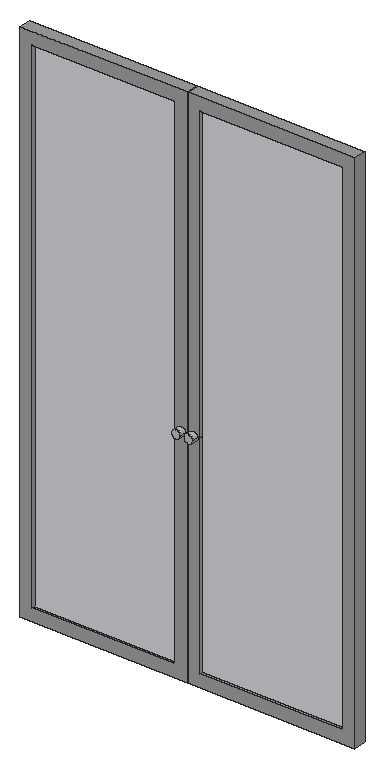
Revit family "KLS - door - glass - curtain wall", category Doors, Revit 2014
Parameters
  wood = Default
  metal = KLS - Zinc
  handle radial [instance] = door thick / 3  # 16.667 mm
  handle length [instance] = door thick + 50.00 mm  # 100.00 mm
  glass thick = 25.00 mm
  glass = none
  door thick = 50.00 mm
  door hight [instance] = 2133.60 mm
  Function = Exterior
Reference planes
  plane 1 "Center (Front/Back)": y = 0
  plane 2: z = 0
  plane 3 "Center (Left/Right)": x = 82.523
  plane 4: x = -592.705
  plane 5: x = 757.751
  plane 6 "Top": z = 2133.6
  plane 7: x = 707.751
  plane 8: z = 2083.6
  plane 9: x = -542.705
  plane 10: y = -25
  plane 11: z = 50
  plane 12: x = 132.523
  plane 13: x = 32.523
  plane 14: z = 900
  plane 15: y = -50
  plane 16: y = 25
  plane 17: x = 107.523
  plane 18: x = 57.523
  plane 19: y = 12.5
  plane 20: y = -12.5
  plane 21: y = 50
Forms (mm)
  Extrusion 1, solid, material "Default" <- "wood"
    sketch origin (0, 0, 0) x (1, 0, 0) y (0, 0, 1)
      loop
        line (757.751, 2133.6) -> (82.523, 2133.6) -> (82.523, 0) -> (757.751, 0) -> (757.751, 2133.6)
      loop
        line (707.751, 2083.6) -> (132.523, 2083.6) -> (132.523, 50) -> (707.751, 50) -> (707.751, 2083.6)
    from -25 to 25
  Extrusion 2, solid, material "Default" <- "wood"
    sketch origin (0, 0, 0) x (1, 0, 0) y (0, 0, 1)
      loop
        line (-592.705, 2133.6) -> (-592.705, 0) -> (82.523, 0) -> (82.523, 2133.6) -> (-592.705, 2133.6)
      loop
        line (32.523, 2083.6) -> (-542.705, 2083.6) -> (-542.705, 50) -> (32.523, 50) -> (32.523, 2083.6)
    from -25 to 25
  Extrusion 3, solid, material "KLS - Zinc" <- "metal"
    sketch origin (0, 0, 0) x (1, 0, 0) y (0, 0, 1)
      loop
        circle (107.523, 900) r 16.667
    from -50 to 50
  Extrusion 4, solid, material "KLS - Zinc" <- "metal"
    sketch origin (0, 0, 0) x (1, 0, 0) y (0, 0, 1)
      loop
        circle (57.523, 900) r 16.667
    from -50 to 50
  Extrusion 5, solid, material <- "glass"
    sketch origin (0, 0, 0) x (1, 0, 0) y (0, 0, 1)
      loop
        line (707.751, 2083.6) -> (132.523, 2083.6) -> (132.523, 50) -> (707.751, 50) -> (707.751, 2083.6)
    from -12.5 to 12.5
  Extrusion 6, solid, material <- "glass"
    sketch origin (0, 0, 0) x (1, 0, 0) y (0, 0, 1)
      loop
        line (-542.705, 2083.6) -> (-542.705, 50) -> (32.523, 50) -> (32.523, 2083.6) -> (-542.705, 2083.6)
    from -12.5 to 12.5
Text (mm)
  text "Exterior" at (-1161.5, 797.241, 0), in view "Ref. Level"
Dimensions and locks
  equal spacing: plane 4, plane 3 "Center (Left/Right)", plane 5  (x2)
  "door thick": plane 8 to plane 6 "Top"
  "door thick": plane 7 to plane 5
  "door thick": plane 4 to plane 9
  "door thick": plane 2 to plane 11
  plane 4 to plane 5 = 1350.456 mm
  "door hight": plane 2 to plane 6 "Top"
  equal spacing: plane 13, plane 3 "Center (Left/Right)", plane 12
  plane 2 to plane 14 = 900.00 mm
  equal spacing: plane 16, plane 1 "Center (Front/Back)", plane 10
  "door thick": plane 16 to plane 10
  "door thick": plane 3 "Center (Left/Right)" to plane 12
  equal spacing: plane 3 "Center (Left/Right)", plane 17, plane 12
  equal spacing: plane 3 "Center (Left/Right)", plane 18, plane 13
  equal spacing: plane 20, plane 1 "Center (Front/Back)", plane 19
  "glass thick": plane 19 to plane 20
  equal spacing: plane 21, plane 1 "Center (Front/Back)", plane 15
  "handle length": plane 21 to plane 15
  "handle radial": radius of Extrusion 3 sketch curve
  "handle radial": radius of Extrusion 4 sketch curve
  aligned and locked: level to plane 2
  aligned and locked: Extrusion 1 sketch curve to plane 6 "Top"
  aligned and locked: Extrusion 1 sketch curve to plane 5
  aligned and locked: Extrusion 1 sketch curve to plane 2
  aligned and locked: Extrusion 1 sketch curve to plane 3 "Center (Left/Right)"
  aligned and locked: plane 8 to Extrusion 1 sketch curve
  aligned and locked: Extrusion 1 sketch curve to plane 7
  aligned and locked: Extrusion 1 sketch curve to plane 11
  aligned and locked: plane 12 to Extrusion 1 sketch curve
  aligned and locked: plane 16 to Extrusion 1
  aligned and locked: Extrusion 1 to plane 10
  aligned and locked: plane 6 "Top" to Extrusion 2 sketch curve
  aligned and locked: Extrusion 2 sketch curve to plane 4
  aligned and locked: Extrusion 1 to Extrusion 2 sketch curve
  aligned and locked: Extrusion 2 sketch curve to Extrusion 1
  aligned and locked: plane 8 to Extrusion 2 sketch curve
  aligned and locked: Extrusion 2 sketch curve to plane 13
  aligned and locked: Extrusion 2 sketch curve to plane 11
  aligned and locked: plane 9 to Extrusion 2 sketch curve
  aligned and locked: plane 16 to Extrusion 2
  aligned and locked: Extrusion 2 to plane 10
  aligned and locked: Extrusion 3 to plane 15
  aligned and locked: Extrusion 4 to plane 15
  aligned and locked: Extrusion 5 sketch curve to Extrusion 1  (x4)
  aligned and locked: Extrusion 5 to plane 19
  aligned and locked: Extrusion 5 to plane 20
  aligned and locked: Extrusion 6 sketch curve to Extrusion 2  (x4)
  aligned and locked: Extrusion 6 to plane 19
  aligned and locked: Extrusion 6 to plane 20
  aligned and locked: plane 21 to Extrusion 3
  aligned and locked: plane 21 to Extrusion 4
Automatic sketch dimensions
  Extrusion 3 sketch curve to plane 14 = 0.00 mm
  Extrusion 3 sketch curve to plane 17 = 0.00 mm
  Extrusion 4 sketch curve to plane 14 = 0.00 mm
  plane 18 to Extrusion 4 sketch curve = 0.00 mm
